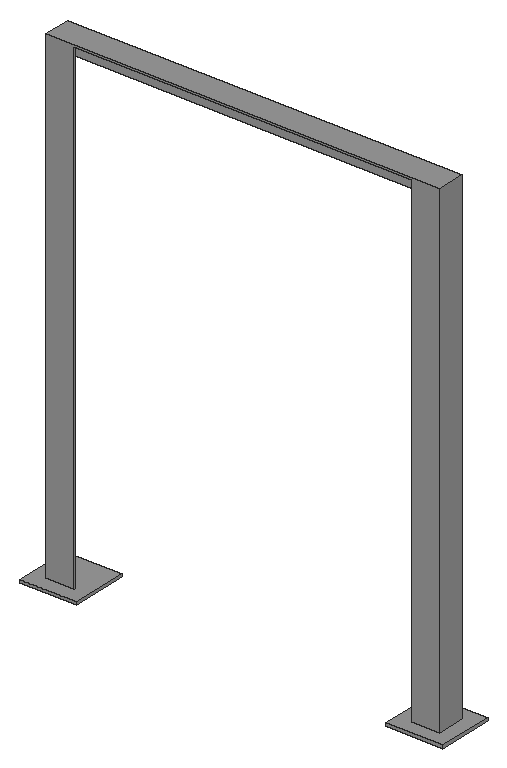
Revit family "25667 Велопарковка «Тауэр-1» Хоббика", category Антураж, Revit 2018
Family settings
  На основе рабочей плоскости = Нет
  Всегда вертикально = Да
  При загрузке вырезать с полостями = Нет
  Источник визуального образа = Геометрия семейства
  Общий = Нет
  Точка расчета площади = Нет
Parameters (values of type "Велопарковка «Тауэр-1»")
  Ширина = 100 mm  # constant formula
  Цвет каркаса = Сталь
  Описание = "Велопарковка «Тауэр-1»"  # constant formula
  Материал изделия = "Сталь"  # constant formula
  Изображение типоразмера = Велопарковка «Тауэр-1» Арт 25667.jpg
  Изготовитель = "ООО «Хоббика»"  # constant formula
  Длина = 700 mm  # constant formula
  Группа модели = "Велопарковки"  # constant formula
  Высота = 870 mm  # constant formula
  Артикул товара = "Арт. 25667"  # constant formula
  URL = "https://hobbyka.ru/product/veloparkovka_tauer1/"
Reference planes
  plane 1 "По центру (Вперед/Назад)": y = 0
  plane 2: z = 0
  plane 3 "По центру (Влево/Вправо)": x = 0
  plane 4: x = 700
  plane 5: y = 100
  plane 6: z = 870
Forms (mm)
  Extrusion 1, solid, material "Сталь" <- "Цвет каркаса"
    sketch origin (0, 0, 0) x (1, 0, 0) y (0, 1, 0)
      loop
        line (-25, 100) -> (-25, 0) -> (75, 0) -> (75, 100) -> (-25, 100)
      loop
        line (625, 100) -> (625, 0) -> (725, 0) -> (725, 100) -> (625, 100)
    from 0 to 5
  Extrusion 2, solid, material "Сталь" <- "Цвет каркаса"
    sketch origin (0, 0, 0) x (1, 0, 0) y (0, 1, 0)
      loop
        line (0, 75) -> (0, 25) -> (50, 25) -> (50, 28) -> (3, 28) -> (3, 75) -> (0, 75)
      loop
        line (697, 75) -> (697, 28) -> (650, 28) -> (650, 25) -> (700, 25) -> (700, 75) -> (697, 75)
    from 5 to 867
  Extrusion 3, solid, material "Сталь" <- "Цвет каркаса"
    sketch origin (0, 0, 0) x (0, 1, 0) y (0, 0, 1)
      loop
        line (25, 870) -> (25, 867) -> (72, 867) -> (72, 820) -> (75, 820) -> (75, 870) -> (25, 870)
    from 0 to 700
Cuts and joins
  joined: Extrusion 1, Extrusion 2, Extrusion 3
Dimensions and locks
  "Ширина": plane 1 "По центру (Вперед/Назад)" to plane 5
  "Длина": plane 3 "По центру (Влево/Вправо)" to plane 4
  "Высота": plane 6 to plane 2
  aligned and locked: level to plane 2
Automatic sketch dimensions
  plane 1 "По центру (Вперед/Назад)" to Extrusion 1 sketch curve = 0 mm  (x2)
  Extrusion 1 sketch curve to plane 3 "По центру (Влево/Вправо)" = 25 mm
  Extrusion 1 sketch curve to plane 5 = 0 mm  (x2)
  plane 4 to Extrusion 1 sketch curve = 25 mm
  plane 3 "По центру (Влево/Вправо)" to Extrusion 1 sketch curve = 75 mm
  Extrusion 1 sketch curve to plane 4 = 75 mm
  Extrusion 2 sketch curve to plane 1 "По центру (Вперед/Назад)" = 25 mm  (x2)
  Extrusion 2 sketch curve to plane 5 = 25 mm  (x2)
  Extrusion 2 sketch curve to plane 3 "По центру (Влево/Вправо)" = 0 mm
  Extrusion 2 sketch curve to plane 4 = 0 mm
  Extrusion 2 sketch curve to Extrusion 2 sketch curve = 3 mm  (x2)
  Extrusion 2 sketch curve to plane 4 = 3 mm
  Extrusion 2 sketch curve to Extrusion 2 sketch curve = 47 mm  (x2)
  plane 3 "По центру (Влево/Вправо)" to Extrusion 2 sketch curve = 3 mm
  Extrusion 3 sketch curve to plane 6 = 0 mm
  Extrusion 3 sketch curve to plane 5 = 25 mm
  Extrusion 3 sketch curve to Extrusion 3 sketch curve = 50 mm
  Extrusion 3 sketch curve to plane 6 = 3 mm
  Extrusion 3 sketch curve to plane 1 "По центру (Вперед/Назад)" = 25 mm
  Extrusion 3 sketch curve to Extrusion 3 sketch curve = 3 mm
